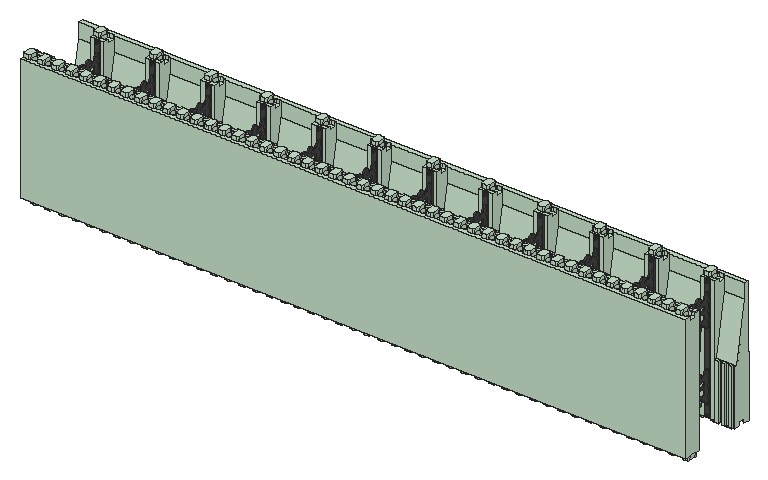
Revit family (continued)
Automatic sketch dimensions
  Extrusion 40 sketch curve to Extrusion 40 sketch curve = 0' - 0.01019"
  Extrusion 40 sketch curve to Extrusion 40 sketch curve = 0' - 0.07677"
  Extrusion 40 sketch curve to Extrusion 40 sketch curve = 0' - 0.17083"
  Extrusion 40 sketch curve to Extrusion 40 sketch curve = 0' - 0.01665"
  Extrusion 40 sketch curve to Extrusion 40 sketch curve = 0' - 0.14808"
  Extrusion 40 sketch curve to Extrusion 40 sketch curve = 0' - 0.33686"
  Extrusion 40 sketch curve to Extrusion 40 sketch curve = 0' - 0.2216"
  Extrusion 41 sketch curve to plane 8 = 0' - 0.72692"
  Extrusion 41 sketch curve to plane 4 = 1' - 5"
  Extrusion 41 sketch curve to Extrusion 41 sketch curve = 0' - 0.17308"  (x2)
  Extrusion 41 sketch curve to Extrusion 41 sketch curve = 0' - 0"  (x5)
  Extrusion 41 sketch curve to Extrusion 41 sketch curve = 0' - 0 1/4"  (x4)
  Extrusion 41 sketch curve to Extrusion 41 sketch curve = 0' - 0.07692"  (x2)
  Extrusion 41 sketch curve to Extrusion 41 sketch curve = 0' - 0.17323"
  Extrusion 41 sketch curve to Extrusion 41 sketch curve = 0' - 0.01019"
  Extrusion 41 sketch curve to Extrusion 41 sketch curve = 0' - 0.07677"
  Extrusion 41 sketch curve to Extrusion 41 sketch curve = 0' - 0.17083"
  Extrusion 41 sketch curve to Extrusion 41 sketch curve = 0' - 0.01665"
  Extrusion 41 sketch curve to Extrusion 41 sketch curve = 0' - 0.14808"
  Extrusion 41 sketch curve to Extrusion 41 sketch curve = 0' - 0.33686"
  Extrusion 41 sketch curve to Extrusion 41 sketch curve = 0' - 0.2216"
  Extrusion 42 sketch curve to plane 8 = 0' - 0.72692"
  Extrusion 42 sketch curve to plane 4 = 1' - 3"
  Extrusion 42 sketch curve to Extrusion 42 sketch curve = 0' - 0.17308"  (x2)
  Extrusion 42 sketch curve to Extrusion 42 sketch curve = 0' - 0"  (x5)
  Extrusion 42 sketch curve to Extrusion 42 sketch curve = 0' - 0 1/4"  (x4)
  Extrusion 42 sketch curve to Extrusion 42 sketch curve = 0' - 0.07692"  (x2)
  Extrusion 42 sketch curve to Extrusion 42 sketch curve = 0' - 0.17323"
  Extrusion 42 sketch curve to Extrusion 42 sketch curve = 0' - 0.01019"
  Extrusion 42 sketch curve to Extrusion 42 sketch curve = 0' - 0.07677"
  Extrusion 42 sketch curve to Extrusion 42 sketch curve = 0' - 0.17083"
  Extrusion 42 sketch curve to Extrusion 42 sketch curve = 0' - 0.01665"
  Extrusion 42 sketch curve to Extrusion 42 sketch curve = 0' - 0.14808"
  Extrusion 42 sketch curve to Extrusion 42 sketch curve = 0' - 0.33686"
  Extrusion 42 sketch curve to Extrusion 42 sketch curve = 0' - 0.2216"
  Extrusion 43 sketch curve to plane 8 = 0' - 0.72692"
  Extrusion 43 sketch curve to plane 4 = 1' - 1"
  Extrusion 43 sketch curve to Extrusion 43 sketch curve = 0' - 0.17308"  (x2)
  Extrusion 43 sketch curve to Extrusion 43 sketch curve = 0' - 0"  (x5)
  Extrusion 43 sketch curve to Extrusion 43 sketch curve = 0' - 0 1/4"  (x4)
  Extrusion 43 sketch curve to Extrusion 43 sketch curve = 0' - 0.07692"  (x2)
  Extrusion 43 sketch curve to Extrusion 43 sketch curve = 0' - 0.17323"
  Extrusion 43 sketch curve to Extrusion 43 sketch curve = 0' - 0.01019"
  Extrusion 43 sketch curve to Extrusion 43 sketch curve = 0' - 0.07677"
  Extrusion 43 sketch curve to Extrusion 43 sketch curve = 0' - 0.17083"
  Extrusion 43 sketch curve to Extrusion 43 sketch curve = 0' - 0.01665"
  Extrusion 43 sketch curve to Extrusion 43 sketch curve = 0' - 0.14808"
  Extrusion 43 sketch curve to Extrusion 43 sketch curve = 0' - 0.33686"
  Extrusion 43 sketch curve to Extrusion 43 sketch curve = 0' - 0.2216"
  Extrusion 44 sketch curve to plane 8 = 0' - 0.72692"
  Extrusion 44 sketch curve to plane 4 = 0' - 11"
  Extrusion 44 sketch curve to Extrusion 44 sketch curve = 0' - 0.17308"  (x2)
  Extrusion 44 sketch curve to Extrusion 44 sketch curve = 0' - 0"  (x5)
  Extrusion 44 sketch curve to Extrusion 44 sketch curve = 0' - 0 1/4"  (x4)
  Extrusion 44 sketch curve to Extrusion 44 sketch curve = 0' - 0.07692"  (x2)
  Extrusion 44 sketch curve to Extrusion 44 sketch curve = 0' - 0.17323"
  Extrusion 44 sketch curve to Extrusion 44 sketch curve = 0' - 0.01019"
  Extrusion 44 sketch curve to Extrusion 44 sketch curve = 0' - 0.07677"
  Extrusion 44 sketch curve to Extrusion 44 sketch curve = 0' - 0.17083"
  Extrusion 44 sketch curve to Extrusion 44 sketch curve = 0' - 0.01665"
  Extrusion 44 sketch curve to Extrusion 44 sketch curve = 0' - 0.14808"
  Extrusion 44 sketch curve to Extrusion 44 sketch curve = 0' - 0.33686"
  Extrusion 44 sketch curve to Extrusion 44 sketch curve = 0' - 0.2216"
  Extrusion 45 sketch curve to plane 8 = 0' - 0.72692"
  Extrusion 45 sketch curve to plane 4 = 0' - 9"
  Extrusion 45 sketch curve to Extrusion 45 sketch curve = 0' - 0.17308"  (x2)
  Extrusion 45 sketch curve to Extrusion 45 sketch curve = 0' - 0"  (x5)
  Extrusion 45 sketch curve to Extrusion 45 sketch curve = 0' - 0 1/4"  (x4)
  Extrusion 45 sketch curve to Extrusion 45 sketch curve = 0' - 0.07692"  (x2)
  Extrusion 45 sketch curve to Extrusion 45 sketch curve = 0' - 0.17323"
  Extrusion 45 sketch curve to Extrusion 45 sketch curve = 0' - 0.01019"
  Extrusion 45 sketch curve to Extrusion 45 sketch curve = 0' - 0.07677"
  Extrusion 45 sketch curve to Extrusion 45 sketch curve = 0' - 0.17083"
  Extrusion 45 sketch curve to Extrusion 45 sketch curve = 0' - 0.01665"
  Extrusion 45 sketch curve to Extrusion 45 sketch curve = 0' - 0.14808"
  Extrusion 45 sketch curve to Extrusion 45 sketch curve = 0' - 0.33686"
  Extrusion 45 sketch curve to Extrusion 45 sketch curve = 0' - 0.2216"
  Extrusion 46 sketch curve to plane 8 = 0' - 0.72692"
  Extrusion 46 sketch curve to plane 4 = 0' - 7"
  Extrusion 46 sketch curve to Extrusion 46 sketch curve = 0' - 0.17308"  (x2)
  Extrusion 46 sketch curve to Extrusion 46 sketch curve = 0' - 0"  (x5)
  Extrusion 46 sketch curve to Extrusion 46 sketch curve = 0' - 0 1/4"  (x4)
  Extrusion 46 sketch curve to Extrusion 46 sketch curve = 0' - 0.07692"  (x2)
  Extrusion 46 sketch curve to Extrusion 46 sketch curve = 0' - 0.17323"
  Extrusion 46 sketch curve to Extrusion 46 sketch curve = 0' - 0.01019"
  Extrusion 46 sketch curve to Extrusion 46 sketch curve = 0' - 0.07677"
  Extrusion 46 sketch curve to Extrusion 46 sketch curve = 0' - 0.17083"
  Extrusion 46 sketch curve to Extrusion 46 sketch curve = 0' - 0.01665"
  Extrusion 46 sketch curve to Extrusion 46 sketch curve = 0' - 0.14808"
  Extrusion 46 sketch curve to Extrusion 46 sketch curve = 0' - 0.33686"
  Extrusion 46 sketch curve to Extrusion 46 sketch curve = 0' - 0.2216"
  Extrusion 47 sketch curve to plane 8 = 0' - 0.72692"
  Extrusion 47 sketch curve to plane 4 = 0' - 5"
  Extrusion 47 sketch curve to Extrusion 47 sketch curve = 0' - 0.17308"  (x2)
  Extrusion 47 sketch curve to Extrusion 47 sketch curve = 0' - 0"  (x5)
  Extrusion 47 sketch curve to Extrusion 47 sketch curve = 0' - 0 1/4"  (x4)
  Extrusion 47 sketch curve to Extrusion 47 sketch curve = 0' - 0.07692"  (x2)
  Extrusion 47 sketch curve to Extrusion 47 sketch curve = 0' - 0.17323"
  Extrusion 47 sketch curve to Extrusion 47 sketch curve = 0' - 0.01019"
  Extrusion 47 sketch curve to Extrusion 47 sketch curve = 0' - 0.07677"
  Extrusion 47 sketch curve to Extrusion 47 sketch curve = 0' - 0.17083"
  Extrusion 47 sketch curve to Extrusion 47 sketch curve = 0' - 0.01665"
  Extrusion 47 sketch curve to Extrusion 47 sketch curve = 0' - 0.14808"
  Extrusion 47 sketch curve to Extrusion 47 sketch curve = 0' - 0.33686"
  Extrusion 47 sketch curve to Extrusion 47 sketch curve = 0' - 0.2216"
  Extrusion 48 sketch curve to plane 8 = 0' - 0.72692"
  Extrusion 48 sketch curve to plane 4 = 0' - 3"
  Extrusion 48 sketch curve to Extrusion 48 sketch curve = 0' - 0.17308"  (x2)
  Extrusion 48 sketch curve to Extrusion 48 sketch curve = 0' - 0"  (x5)
  Extrusion 48 sketch curve to Extrusion 48 sketch curve = 0' - 0 1/4"  (x4)
  Extrusion 48 sketch curve to Extrusion 48 sketch curve = 0' - 0.07692"  (x2)
  Extrusion 48 sketch curve to Extrusion 48 sketch curve = 0' - 0.17323"
  Extrusion 48 sketch curve to Extrusion 48 sketch curve = 0' - 0.01019"
  Extrusion 48 sketch curve to Extrusion 48 sketch curve = 0' - 0.07677"
  Extrusion 48 sketch curve to Extrusion 48 sketch curve = 0' - 0.17083"
  Extrusion 48 sketch curve to Extrusion 48 sketch curve = 0' - 0.01665"
  Extrusion 48 sketch curve to Extrusion 48 sketch curve = 0' - 0.14808"
  Extrusion 48 sketch curve to Extrusion 48 sketch curve = 0' - 0.33686"
  Extrusion 48 sketch curve to Extrusion 48 sketch curve = 0' - 0.2216"
  Extrusion 49 sketch curve to plane 4 = 0' - 0"
  Extrusion 49 sketch curve to plane 4 = 0' - 0.02075"
  Extrusion 49 sketch curve to Extrusion 49 sketch curve = 0' - 0.04585"
  Extrusion 49 sketch curve to Extrusion 49 sketch curve = 0' - 0"  (x4)
  Extrusion 49 sketch curve to Extrusion 49 sketch curve = 0' - 0.01665"
  Extrusion 49 sketch curve to plane 4 = 0' - 0.17308"
  Extrusion 49 sketch curve to plane 4 = 0' - 0 1/4"
  Extrusion 49 sketch curve to Extrusion 49 sketch curve = 0' - 0.17083"
  Extrusion 49 sketch curve to Extrusion 49 sketch curve = 0' - 0 1/16"
  Extrusion 49 sketch curve to Extrusion 49 sketch curve = 0' - 0.01019"
  Extrusion 49 sketch curve to Extrusion 49 sketch curve = 0' - 0 1/4"  (x4)
  Extrusion 49 sketch curve to Extrusion 49 sketch curve = 0' - 0.07692"  (x2)
  Extrusion 49 sketch curve to plane 8 = 0' - 0.48905"
  Extrusion 49 sketch curve to Extrusion 49 sketch curve = 0' - 0.14808"
  Extrusion 49 sketch curve to Extrusion 49 sketch curve = 0' - 0.33686"
  Extrusion 49 sketch curve to Extrusion 49 sketch curve = 0' - 0.2216"
  plane 7 to Extrusion 50 sketch curve = 0' - 0.72692"
  Extrusion 50 sketch curve to plane 4 = 0' - 3"
  Extrusion 50 sketch curve to Extrusion 50 sketch curve = 0' - 0.17308"  (x2)
  Extrusion 50 sketch curve to Extrusion 50 sketch curve = 0' - 0"  (x5)
  Extrusion 50 sketch curve to Extrusion 50 sketch curve = 0' - 0 1/4"  (x4)
  Extrusion 50 sketch curve to Extrusion 50 sketch curve = 0' - 0.07692"  (x2)
  Extrusion 50 sketch curve to Extrusion 50 sketch curve = 0' - 0.17323"
  Extrusion 50 sketch curve to Extrusion 50 sketch curve = 0' - 0.01019"
  Extrusion 50 sketch curve to Extrusion 50 sketch curve = 0' - 0.07677"
  Extrusion 50 sketch curve to Extrusion 50 sketch curve = 0' - 0.17083"
  Extrusion 50 sketch curve to Extrusion 50 sketch curve = 0' - 0.01665"
  Extrusion 50 sketch curve to Extrusion 50 sketch curve = 0' - 0.14808"
  Extrusion 50 sketch curve to Extrusion 50 sketch curve = 0' - 0.33686"
  Extrusion 50 sketch curve to Extrusion 50 sketch curve = 0' - 0.2216"
  plane 7 to Extrusion 51 sketch curve = 0' - 0.72692"
  Extrusion 51 sketch curve to plane 4 = 0' - 11"
  Extrusion 51 sketch curve to Extrusion 51 sketch curve = 0' - 0.17308"  (x2)
  Extrusion 51 sketch curve to Extrusion 51 sketch curve = 0' - 0"  (x5)
  Extrusion 51 sketch curve to Extrusion 51 sketch curve = 0' - 0 1/4"  (x4)
  Extrusion 51 sketch curve to Extrusion 51 sketch curve = 0' - 0.07692"  (x2)
  Extrusion 51 sketch curve to Extrusion 51 sketch curve = 0' - 0.17323"
  Extrusion 51 sketch curve to Extrusion 51 sketch curve = 0' - 0.01019"
  Extrusion 51 sketch curve to Extrusion 51 sketch curve = 0' - 0.07677"
  Extrusion 51 sketch curve to Extrusion 51 sketch curve = 0' - 0.17083"
  Extrusion 51 sketch curve to Extrusion 51 sketch curve = 0' - 0.01665"
  Extrusion 51 sketch curve to Extrusion 51 sketch curve = 0' - 0.14808"
  Extrusion 51 sketch curve to Extrusion 51 sketch curve = 0' - 0.33686"
  Extrusion 51 sketch curve to Extrusion 51 sketch curve = 0' - 0.2216"
  plane 7 to Extrusion 52 sketch curve = 0' - 0.72692"
  Extrusion 52 sketch curve to plane 4 = 1' - 7"
  Extrusion 52 sketch curve to Extrusion 52 sketch curve = 0' - 0.17308"  (x2)
  Extrusion 52 sketch curve to Extrusion 52 sketch curve = 0' - 0"  (x5)
  Extrusion 52 sketch curve to Extrusion 52 sketch curve = 0' - 0 1/4"  (x4)
  Extrusion 52 sketch curve to Extrusion 52 sketch curve = 0' - 0.07692"  (x2)
  Extrusion 52 sketch curve to Extrusion 52 sketch curve = 0' - 0.17323"
  Extrusion 52 sketch curve to Extrusion 52 sketch curve = 0' - 0.01019"
  Extrusion 52 sketch curve to Extrusion 52 sketch curve = 0' - 0.07677"
  Extrusion 52 sketch curve to Extrusion 52 sketch curve = 0' - 0.17083"
  Extrusion 52 sketch curve to Extrusion 52 sketch curve = 0' - 0.01665"
  Extrusion 52 sketch curve to Extrusion 52 sketch curve = 0' - 0.14808"
  Extrusion 52 sketch curve to Extrusion 52 sketch curve = 0' - 0.33686"
  Extrusion 52 sketch curve to Extrusion 52 sketch curve = 0' - 0.2216"
  plane 7 to Extrusion 53 sketch curve = 0' - 0.72692"
  Extrusion 53 sketch curve to plane 4 = 2' - 3"
  Extrusion 53 sketch curve to Extrusion 53 sketch curve = 0' - 0.17308"  (x2)
  Extrusion 53 sketch curve to Extrusion 53 sketch curve = 0' - 0"  (x5)
  Extrusion 53 sketch curve to Extrusion 53 sketch curve = 0' - 0 1/4"  (x4)
  Extrusion 53 sketch curve to Extrusion 53 sketch curve = 0' - 0.07692"  (x2)
  Extrusion 53 sketch curve to Extrusion 53 sketch curve = 0' - 0.17323"
  Extrusion 53 sketch curve to Extrusion 53 sketch curve = 0' - 0.01019"
  Extrusion 53 sketch curve to Extrusion 53 sketch curve = 0' - 0.07677"
  Extrusion 53 sketch curve to Extrusion 53 sketch curve = 0' - 0.17083"
  Extrusion 53 sketch curve to Extrusion 53 sketch curve = 0' - 0.01665"
  Extrusion 53 sketch curve to Extrusion 53 sketch curve = 0' - 0.14808"
  Extrusion 53 sketch curve to Extrusion 53 sketch curve = 0' - 0.33686"
  Extrusion 53 sketch curve to Extrusion 53 sketch curve = 0' - 0.2216"
  plane 7 to Extrusion 54 sketch curve = 0' - 0.72692"
  Extrusion 54 sketch curve to plane 4 = 2' - 11"
  Extrusion 54 sketch curve to Extrusion 54 sketch curve = 0' - 0.17308"  (x2)
  Extrusion 54 sketch curve to Extrusion 54 sketch curve = 0' - 0"  (x5)
  Extrusion 54 sketch curve to Extrusion 54 sketch curve = 0' - 0 1/4"  (x4)
  Extrusion 54 sketch curve to Extrusion 54 sketch curve = 0' - 0.07692"  (x2)
  Extrusion 54 sketch curve to Extrusion 54 sketch curve = 0' - 0.17323"
  Extrusion 54 sketch curve to Extrusion 54 sketch curve = 0' - 0.01019"
  Extrusion 54 sketch curve to Extrusion 54 sketch curve = 0' - 0.07677"
  Extrusion 54 sketch curve to Extrusion 54 sketch curve = 0' - 0.17083"
  Extrusion 54 sketch curve to Extrusion 54 sketch curve = 0' - 0.01665"
  Extrusion 54 sketch curve to Extrusion 54 sketch curve = 0' - 0.14808"
  Extrusion 54 sketch curve to Extrusion 54 sketch curve = 0' - 0.33686"
  Extrusion 54 sketch curve to Extrusion 54 sketch curve = 0' - 0.2216"
  plane 7 to Extrusion 55 sketch curve = 0' - 0.72692"
  Extrusion 55 sketch curve to plane 4 = 3' - 7"
  Extrusion 55 sketch curve to Extrusion 55 sketch curve = 0' - 0.17308"  (x2)
  Extrusion 55 sketch curve to Extrusion 55 sketch curve = 0' - 0"  (x5)
  Extrusion 55 sketch curve to Extrusion 55 sketch curve = 0' - 0 1/4"  (x4)
  Extrusion 55 sketch curve to Extrusion 55 sketch curve = 0' - 0.07692"  (x2)
  Extrusion 55 sketch curve to Extrusion 55 sketch curve = 0' - 0.17323"
  Extrusion 55 sketch curve to Extrusion 55 sketch curve = 0' - 0.01019"
  Extrusion 55 sketch curve to Extrusion 55 sketch curve = 0' - 0.07677"
  Extrusion 55 sketch curve to Extrusion 55 sketch curve = 0' - 0.17083"
  Extrusion 55 sketch curve to Extrusion 55 sketch curve = 0' - 0.01665"
  Extrusion 55 sketch curve to Extrusion 55 sketch curve = 0' - 0.14808"
  Extrusion 55 sketch curve to Extrusion 55 sketch curve = 0' - 0.33686"
  Extrusion 55 sketch curve to Extrusion 55 sketch curve = 0' - 0.2216"
  plane 7 to Extrusion 56 sketch curve = 0' - 0.72692"
  plane 3 "Center (Left/Right)" to Extrusion 56 sketch curve = 3' - 9"
  Extrusion 56 sketch curve to Extrusion 56 sketch curve = 0' - 0.17308"  (x2)
  Extrusion 56 sketch curve to Extrusion 56 sketch curve = 0' - 0"  (x5)
  Extrusion 56 sketch curve to Extrusion 56 sketch curve = 0' - 0.07692"  (x3)
  Extrusion 56 sketch curve to Extrusion 56 sketch curve = 0' - 0 1/4"  (x3)
  Extrusion 56 sketch curve to Extrusion 56 sketch curve = 0' - 0.17323"
  Extrusion 56 sketch curve to Extrusion 56 sketch curve = 0' - 0.01019"
  Extrusion 56 sketch curve to Extrusion 56 sketch curve = 0' - 0.07677"
  Extrusion 56 sketch curve to Extrusion 56 sketch curve = 0' - 0.17083"
  Extrusion 56 sketch curve to Extrusion 56 sketch curve = 0' - 0.01665"
  Extrusion 56 sketch curve to Extrusion 56 sketch curve = 0' - 0.14808"
  Extrusion 56 sketch curve to Extrusion 56 sketch curve = 0' - 0.33686"
  Extrusion 56 sketch curve to Extrusion 56 sketch curve = 0' - 0.2216"
  plane 7 to Extrusion 57 sketch curve = 0' - 0.72692"
  plane 3 "Center (Left/Right)" to Extrusion 57 sketch curve = 3' - 1"
  Extrusion 57 sketch curve to Extrusion 57 sketch curve = 0' - 0.17308"  (x2)
  Extrusion 57 sketch curve to Extrusion 57 sketch curve = 0' - 0"  (x5)
  Extrusion 57 sketch curve to Extrusion 57 sketch curve = 0' - 0.07692"  (x3)
  Extrusion 57 sketch curve to Extrusion 57 sketch curve = 0' - 0 1/4"  (x3)
  Extrusion 57 sketch curve to Extrusion 57 sketch curve = 0' - 0.17323"
  Extrusion 57 sketch curve to Extrusion 57 sketch curve = 0' - 0.01019"
  Extrusion 57 sketch curve to Extrusion 57 sketch curve = 0' - 0.07677"
  Extrusion 57 sketch curve to Extrusion 57 sketch curve = 0' - 0.17083"
  Extrusion 57 sketch curve to Extrusion 57 sketch curve = 0' - 0.01665"
  Extrusion 57 sketch curve to Extrusion 57 sketch curve = 0' - 0.14808"
  Extrusion 57 sketch curve to Extrusion 57 sketch curve = 0' - 0.33686"
  Extrusion 57 sketch curve to Extrusion 57 sketch curve = 0' - 0.2216"
  plane 7 to Extrusion 58 sketch curve = 0' - 0.72692"
  plane 3 "Center (Left/Right)" to Extrusion 58 sketch curve = 2' - 5"
  Extrusion 58 sketch curve to Extrusion 58 sketch curve = 0' - 0.17308"  (x2)
  Extrusion 58 sketch curve to Extrusion 58 sketch curve = 0' - 0"  (x5)
  Extrusion 58 sketch curve to Extrusion 58 sketch curve = 0' - 0.07692"  (x3)
  Extrusion 58 sketch curve to Extrusion 58 sketch curve = 0' - 0 1/4"  (x3)
  Extrusion 58 sketch curve to Extrusion 58 sketch curve = 0' - 0.17323"
  Extrusion 58 sketch curve to Extrusion 58 sketch curve = 0' - 0.01019"
  Extrusion 58 sketch curve to Extrusion 58 sketch curve = 0' - 0.07677"
  Extrusion 58 sketch curve to Extrusion 58 sketch curve = 0' - 0.17083"
  Extrusion 58 sketch curve to Extrusion 58 sketch curve = 0' - 0.01665"
  Extrusion 58 sketch curve to Extrusion 58 sketch curve = 0' - 0.14808"
  Extrusion 58 sketch curve to Extrusion 58 sketch curve = 0' - 0.33686"
  Extrusion 58 sketch curve to Extrusion 58 sketch curve = 0' - 0.2216"
  plane 7 to Extrusion 59 sketch curve = 0' - 0.72692"
  plane 3 "Center (Left/Right)" to Extrusion 59 sketch curve = 1' - 9"
  Extrusion 59 sketch curve to Extrusion 59 sketch curve = 0' - 0.17308"  (x2)
  Extrusion 59 sketch curve to Extrusion 59 sketch curve = 0' - 0"  (x5)
  Extrusion 59 sketch curve to Extrusion 59 sketch curve = 0' - 0.07692"  (x3)
  Extrusion 59 sketch curve to Extrusion 59 sketch curve = 0' - 0 1/4"  (x3)
  Extrusion 59 sketch curve to Extrusion 59 sketch curve = 0' - 0.17323"
  Extrusion 59 sketch curve to Extrusion 59 sketch curve = 0' - 0.01019"
  Extrusion 59 sketch curve to Extrusion 59 sketch curve = 0' - 0.07677"
  Extrusion 59 sketch curve to Extrusion 59 sketch curve = 0' - 0.17083"
  Extrusion 59 sketch curve to Extrusion 59 sketch curve = 0' - 0.01665"
  Extrusion 59 sketch curve to Extrusion 59 sketch curve = 0' - 0.14808"
  Extrusion 59 sketch curve to Extrusion 59 sketch curve = 0' - 0.33686"
  Extrusion 59 sketch curve to Extrusion 59 sketch curve = 0' - 0.2216"
  plane 7 to Extrusion 60 sketch curve = 0' - 0.72692"
  plane 3 "Center (Left/Right)" to Extrusion 60 sketch curve = 1' - 1"
  Extrusion 60 sketch curve to Extrusion 60 sketch curve = 0' - 0.17308"  (x2)
  Extrusion 60 sketch curve to Extrusion 60 sketch curve = 0' - 0"  (x5)
  Extrusion 60 sketch curve to Extrusion 60 sketch curve = 0' - 0.07692"  (x3)
  Extrusion 60 sketch curve to Extrusion 60 sketch curve = 0' - 0 1/4"  (x3)
  Extrusion 60 sketch curve to Extrusion 60 sketch curve = 0' - 0.17323"
  Extrusion 60 sketch curve to Extrusion 60 sketch curve = 0' - 0.01019"
  Extrusion 60 sketch curve to Extrusion 60 sketch curve = 0' - 0.07677"
  Extrusion 60 sketch curve to Extrusion 60 sketch curve = 0' - 0.17083"
  Extrusion 60 sketch curve to Extrusion 60 sketch curve = 0' - 0.01665"
  Extrusion 60 sketch curve to Extrusion 60 sketch curve = 0' - 0.14808"
  Extrusion 60 sketch curve to Extrusion 60 sketch curve = 0' - 0.33686"
  Extrusion 60 sketch curve to Extrusion 60 sketch curve = 0' - 0.2216"
  plane 7 to Extrusion 61 sketch curve = 0' - 0.72692"
  plane 3 "Center (Left/Right)" to Extrusion 61 sketch curve = 0' - 5"
  Extrusion 61 sketch curve to Extrusion 61 sketch curve = 0' - 0.17308"  (x2)
  Extrusion 61 sketch curve to Extrusion 61 sketch curve = 0' - 0"  (x5)
  Extrusion 61 sketch curve to Extrusion 61 sketch curve = 0' - 0.07692"  (x3)
  Extrusion 61 sketch curve to Extrusion 61 sketch curve = 0' - 0 1/4"  (x3)
  Extrusion 61 sketch curve to Extrusion 61 sketch curve = 0' - 0.17323"
  Extrusion 61 sketch curve to Extrusion 61 sketch curve = 0' - 0.01019"
  Extrusion 61 sketch curve to Extrusion 61 sketch curve = 0' - 0.07677"
  Extrusion 61 sketch curve to Extrusion 61 sketch curve = 0' - 0.17083"
  Extrusion 61 sketch curve to Extrusion 61 sketch curve = 0' - 0.01665"
  Extrusion 61 sketch curve to Extrusion 61 sketch curve = 0' - 0.14808"
  Extrusion 61 sketch curve to Extrusion 61 sketch curve = 0' - 0.33686"
  Extrusion 61 sketch curve to Extrusion 61 sketch curve = 0' - 0.2216"
  Extrusion 62 sketch curve to plane 3 "Center (Left/Right)" = 0' - 0"
  Extrusion 62 sketch curve to plane 3 "Center (Left/Right)" = 0' - 0.02075"
  Extrusion 62 sketch curve to Extrusion 62 sketch curve = 0' - 0.04585"
  Extrusion 62 sketch curve to Extrusion 62 sketch curve = 0' - 0"  (x4)
  Extrusion 62 sketch curve to Extrusion 62 sketch curve = 0' - 0.01665"
  Extrusion 62 sketch curve to plane 3 "Center (Left/Right)" = 0' - 0.17308"
  Extrusion 62 sketch curve to Extrusion 62 sketch curve = 0' - 0 1/4"  (x5)
  Extrusion 62 sketch curve to Extrusion 62 sketch curve = 0' - 0.17083"
  Extrusion 62 sketch curve to Extrusion 62 sketch curve = 0' - 0 1/16"
  Extrusion 62 sketch curve to Extrusion 62 sketch curve = 0' - 0.01019"
  Extrusion 62 sketch curve to Extrusion 62 sketch curve = 0' - 0.07692"  (x2)
  plane 8 to Extrusion 62 sketch curve = 0' - 0.48905"
  Extrusion 62 sketch curve to Extrusion 62 sketch curve = 0' - 0.14808"
  Extrusion 62 sketch curve to Extrusion 62 sketch curve = 0' - 0.33686"
  Extrusion 62 sketch curve to Extrusion 62 sketch curve = 0' - 0.2216"
  plane 8 to Extrusion 63 sketch curve = 0' - 0.72692"
  Extrusion 63 sketch curve to plane 3 "Center (Left/Right)" = 0' - 3"
  Extrusion 63 sketch curve to Extrusion 63 sketch curve = 0' - 0.17308"  (x2)
  Extrusion 63 sketch curve to Extrusion 63 sketch curve = 0' - 0"  (x5)
  Extrusion 63 sketch curve to Extrusion 63 sketch curve = 0' - 0 1/4"  (x4)
  Extrusion 63 sketch curve to Extrusion 63 sketch curve = 0' - 0.07692"  (x2)
  Extrusion 63 sketch curve to Extrusion 63 sketch curve = 0' - 0.17323"
  Extrusion 63 sketch curve to Extrusion 63 sketch curve = 0' - 0.01019"
  Extrusion 63 sketch curve to Extrusion 63 sketch curve = 0' - 0.07677"
  Extrusion 63 sketch curve to Extrusion 63 sketch curve = 0' - 0.17083"
  Extrusion 63 sketch curve to Extrusion 63 sketch curve = 0' - 0.01665"
  Extrusion 63 sketch curve to Extrusion 63 sketch curve = 0' - 0.14808"
  Extrusion 63 sketch curve to Extrusion 63 sketch curve = 0' - 0.33686"
  Extrusion 63 sketch curve to Extrusion 63 sketch curve = 0' - 0.2216"
  plane 8 to Extrusion 64 sketch curve = 0' - 0.72692"
  Extrusion 64 sketch curve to plane 3 "Center (Left/Right)" = 0' - 5"
  Extrusion 64 sketch curve to Extrusion 64 sketch curve = 0' - 0.17308"  (x2)
  Extrusion 64 sketch curve to Extrusion 64 sketch curve = 0' - 0"  (x5)
  Extrusion 64 sketch curve to Extrusion 64 sketch curve = 0' - 0 1/4"  (x4)
  Extrusion 64 sketch curve to Extrusion 64 sketch curve = 0' - 0.07692"  (x2)
  Extrusion 64 sketch curve to Extrusion 64 sketch curve = 0' - 0.17323"
  Extrusion 64 sketch curve to Extrusion 64 sketch curve = 0' - 0.01019"
  Extrusion 64 sketch curve to Extrusion 64 sketch curve = 0' - 0.07677"
  Extrusion 64 sketch curve to Extrusion 64 sketch curve = 0' - 0.17083"
  Extrusion 64 sketch curve to Extrusion 64 sketch curve = 0' - 0.01665"
  Extrusion 64 sketch curve to Extrusion 64 sketch curve = 0' - 0.14808"
  Extrusion 64 sketch curve to Extrusion 64 sketch curve = 0' - 0.33686"
  Extrusion 64 sketch curve to Extrusion 64 sketch curve = 0' - 0.2216"
  plane 8 to Extrusion 65 sketch curve = 0' - 0.72692"
  Extrusion 65 sketch curve to plane 3 "Center (Left/Right)" = 0' - 7"
  Extrusion 65 sketch curve to Extrusion 65 sketch curve = 0' - 0.17308"  (x2)
  Extrusion 65 sketch curve to Extrusion 65 sketch curve = 0' - 0"  (x5)
  Extrusion 65 sketch curve to Extrusion 65 sketch curve = 0' - 0 1/4"  (x4)
  Extrusion 65 sketch curve to Extrusion 65 sketch curve = 0' - 0.07692"  (x2)
  Extrusion 65 sketch curve to Extrusion 65 sketch curve = 0' - 0.17323"
  Extrusion 65 sketch curve to Extrusion 65 sketch curve = 0' - 0.01019"
  Extrusion 65 sketch curve to Extrusion 65 sketch curve = 0' - 0.07677"
  Extrusion 65 sketch curve to Extrusion 65 sketch curve = 0' - 0.17083"
  Extrusion 65 sketch curve to Extrusion 65 sketch curve = 0' - 0.01665"
  Extrusion 65 sketch curve to Extrusion 65 sketch curve = 0' - 0.14808"
  Extrusion 65 sketch curve to Extrusion 65 sketch curve = 0' - 0.33686"
  Extrusion 65 sketch curve to Extrusion 65 sketch curve = 0' - 0.2216"
  plane 8 to Extrusion 66 sketch curve = 0' - 0.72692"
  Extrusion 66 sketch curve to plane 3 "Center (Left/Right)" = 0' - 9"
  Extrusion 66 sketch curve to Extrusion 66 sketch curve = 0' - 0.17308"  (x2)
  Extrusion 66 sketch curve to Extrusion 66 sketch curve = 0' - 0"  (x5)
  Extrusion 66 sketch curve to Extrusion 66 sketch curve = 0' - 0 1/4"  (x4)
  Extrusion 66 sketch curve to Extrusion 66 sketch curve = 0' - 0.07692"  (x2)
  Extrusion 66 sketch curve to Extrusion 66 sketch curve = 0' - 0.17323"
  Extrusion 66 sketch curve to Extrusion 66 sketch curve = 0' - 0.01019"
  Extrusion 66 sketch curve to Extrusion 66 sketch curve = 0' - 0.07677"
  Extrusion 66 sketch curve to Extrusion 66 sketch curve = 0' - 0.17083"
  Extrusion 66 sketch curve to Extrusion 66 sketch curve = 0' - 0.01665"
  Extrusion 66 sketch curve to Extrusion 66 sketch curve = 0' - 0.14808"
  Extrusion 66 sketch curve to Extrusion 66 sketch curve = 0' - 0.33686"
  Extrusion 66 sketch curve to Extrusion 66 sketch curve = 0' - 0.2216"
  plane 8 to Extrusion 67 sketch curve = 0' - 0.72692"
  Extrusion 67 sketch curve to plane 3 "Center (Left/Right)" = 0' - 11"
  Extrusion 67 sketch curve to Extrusion 67 sketch curve = 0' - 0.17308"  (x2)
  Extrusion 67 sketch curve to Extrusion 67 sketch curve = 0' - 0"  (x5)
  Extrusion 67 sketch curve to Extrusion 67 sketch curve = 0' - 0 1/4"  (x4)
  Extrusion 67 sketch curve to Extrusion 67 sketch curve = 0' - 0.07692"  (x2)
  Extrusion 67 sketch curve to Extrusion 67 sketch curve = 0' - 0.17323"
  Extrusion 67 sketch curve to Extrusion 67 sketch curve = 0' - 0.01019"
  Extrusion 67 sketch curve to Extrusion 67 sketch curve = 0' - 0.07677"
  Extrusion 67 sketch curve to Extrusion 67 sketch curve = 0' - 0.17083"
  Extrusion 67 sketch curve to Extrusion 67 sketch curve = 0' - 0.01665"
  Extrusion 67 sketch curve to Extrusion 67 sketch curve = 0' - 0.14808"
  Extrusion 67 sketch curve to Extrusion 67 sketch curve = 0' - 0.33686"
  Extrusion 67 sketch curve to Extrusion 67 sketch curve = 0' - 0.2216"
  plane 8 to Extrusion 68 sketch curve = 0' - 0.72692"
  Extrusion 68 sketch curve to plane 3 "Center (Left/Right)" = 1' - 1"
  Extrusion 68 sketch curve to Extrusion 68 sketch curve = 0' - 0.17308"  (x2)
  Extrusion 68 sketch curve to Extrusion 68 sketch curve = 0' - 0"  (x5)
  Extrusion 68 sketch curve to Extrusion 68 sketch curve = 0' - 0 1/4"  (x4)
  Extrusion 68 sketch curve to Extrusion 68 sketch curve = 0' - 0.07692"  (x2)
  Extrusion 68 sketch curve to Extrusion 68 sketch curve = 0' - 0.17323"
  Extrusion 68 sketch curve to Extrusion 68 sketch curve = 0' - 0.01019"
  Extrusion 68 sketch curve to Extrusion 68 sketch curve = 0' - 0.07677"
  Extrusion 68 sketch curve to Extrusion 68 sketch curve = 0' - 0.17083"
  Extrusion 68 sketch curve to Extrusion 68 sketch curve = 0' - 0.01665"
  Extrusion 68 sketch curve to Extrusion 68 sketch curve = 0' - 0.14808"
  Extrusion 68 sketch curve to Extrusion 68 sketch curve = 0' - 0.33686"
  Extrusion 68 sketch curve to Extrusion 68 sketch curve = 0' - 0.2216"
  plane 8 to Extrusion 69 sketch curve = 0' - 0.72692"
  Extrusion 69 sketch curve to plane 3 "Center (Left/Right)" = 1' - 3"
  Extrusion 69 sketch curve to Extrusion 69 sketch curve = 0' - 0.17308"  (x2)
  Extrusion 69 sketch curve to Extrusion 69 sketch curve = 0' - 0"  (x5)
  Extrusion 69 sketch curve to Extrusion 69 sketch curve = 0' - 0 1/4"  (x4)
  Extrusion 69 sketch curve to Extrusion 69 sketch curve = 0' - 0.07692"  (x2)
  Extrusion 69 sketch curve to Extrusion 69 sketch curve = 0' - 0.17323"
  Extrusion 69 sketch curve to Extrusion 69 sketch curve = 0' - 0.01019"
  Extrusion 69 sketch curve to Extrusion 69 sketch curve = 0' - 0.07677"
  Extrusion 69 sketch curve to Extrusion 69 sketch curve = 0' - 0.17083"
  Extrusion 69 sketch curve to Extrusion 69 sketch curve = 0' - 0.01665"
  Extrusion 69 sketch curve to Extrusion 69 sketch curve = 0' - 0.14808"
  Extrusion 69 sketch curve to Extrusion 69 sketch curve = 0' - 0.33686"
  Extrusion 69 sketch curve to Extrusion 69 sketch curve = 0' - 0.2216"
  plane 8 to Extrusion 70 sketch curve = 0' - 0.72692"
  Extrusion 70 sketch curve to plane 3 "Center (Left/Right)" = 1' - 5"
  Extrusion 70 sketch curve to Extrusion 70 sketch curve = 0' - 0.17308"  (x2)
  Extrusion 70 sketch curve to Extrusion 70 sketch curve = 0' - 0"  (x5)
  Extrusion 70 sketch curve to Extrusion 70 sketch curve = 0' - 0 1/4"  (x4)
  Extrusion 70 sketch curve to Extrusion 70 sketch curve = 0' - 0.07692"  (x2)
  Extrusion 70 sketch curve to Extrusion 70 sketch curve = 0' - 0.17323"
  Extrusion 70 sketch curve to Extrusion 70 sketch curve = 0' - 0.01019"
  Extrusion 70 sketch curve to Extrusion 70 sketch curve = 0' - 0.07677"
  Extrusion 70 sketch curve to Extrusion 70 sketch curve = 0' - 0.17083"
  Extrusion 70 sketch curve to Extrusion 70 sketch curve = 0' - 0.01665"
  Extrusion 70 sketch curve to Extrusion 70 sketch curve = 0' - 0.14808"
  Extrusion 70 sketch curve to Extrusion 70 sketch curve = 0' - 0.33686"
  Extrusion 70 sketch curve to Extrusion 70 sketch curve = 0' - 0.2216"
  plane 8 to Extrusion 71 sketch curve = 0' - 0.72692"
  Extrusion 71 sketch curve to plane 3 "Center (Left/Right)" = 1' - 7"
  Extrusion 71 sketch curve to Extrusion 71 sketch curve = 0' - 0.17308"  (x2)
  Extrusion 71 sketch curve to Extrusion 71 sketch curve = 0' - 0"  (x5)
  Extrusion 71 sketch curve to Extrusion 71 sketch curve = 0' - 0 1/4"  (x4)
  Extrusion 71 sketch curve to Extrusion 71 sketch curve = 0' - 0.07692"  (x2)
  Extrusion 71 sketch curve to Extrusion 71 sketch curve = 0' - 0.17323"
  Extrusion 71 sketch curve to Extrusion 71 sketch curve = 0' - 0.01019"
  Extrusion 71 sketch curve to Extrusion 71 sketch curve = 0' - 0.07677"
  Extrusion 71 sketch curve to Extrusion 71 sketch curve = 0' - 0.17083"
  Extrusion 71 sketch curve to Extrusion 71 sketch curve = 0' - 0.01665"
  Extrusion 71 sketch curve to Extrusion 71 sketch curve = 0' - 0.14808"
  Extrusion 71 sketch curve to Extrusion 71 sketch curve = 0' - 0.33686"
  Extrusion 71 sketch curve to Extrusion 71 sketch curve = 0' - 0.2216"
  plane 8 to Extrusion 72 sketch curve = 0' - 0.72692"
  Extrusion 72 sketch curve to plane 3 "Center (Left/Right)" = 1' - 9"
  Extrusion 72 sketch curve to Extrusion 72 sketch curve = 0' - 0.17308"  (x2)
  Extrusion 72 sketch curve to Extrusion 72 sketch curve = 0' - 0"  (x5)
  Extrusion 72 sketch curve to Extrusion 72 sketch curve = 0' - 0 1/4"  (x4)
  Extrusion 72 sketch curve to Extrusion 72 sketch curve = 0' - 0.07692"  (x2)
  Extrusion 72 sketch curve to Extrusion 72 sketch curve = 0' - 0.17323"
  Extrusion 72 sketch curve to Extrusion 72 sketch curve = 0' - 0.01019"
  Extrusion 72 sketch curve to Extrusion 72 sketch curve = 0' - 0.07677"
  Extrusion 72 sketch curve to Extrusion 72 sketch curve = 0' - 0.17083"
  Extrusion 72 sketch curve to Extrusion 72 sketch curve = 0' - 0.01665"
  Extrusion 72 sketch curve to Extrusion 72 sketch curve = 0' - 0.14808"
  Extrusion 72 sketch curve to Extrusion 72 sketch curve = 0' - 0.33686"
  Extrusion 72 sketch curve to Extrusion 72 sketch curve = 0' - 0.2216"
  plane 8 to Extrusion 73 sketch curve = 0' - 0.72692"
  Extrusion 73 sketch curve to plane 3 "Center (Left/Right)" = 1' - 11"
  Extrusion 73 sketch curve to Extrusion 73 sketch curve = 0' - 0.17308"  (x2)
  Extrusion 73 sketch curve to Extrusion 73 sketch curve = 0' - 0"  (x5)
  Extrusion 73 sketch curve to Extrusion 73 sketch curve = 0' - 0 1/4"  (x4)
  Extrusion 73 sketch curve to Extrusion 73 sketch curve = 0' - 0.07692"  (x2)
  Extrusion 73 sketch curve to Extrusion 73 sketch curve = 0' - 0.17323"
  Extrusion 73 sketch curve to Extrusion 73 sketch curve = 0' - 0.01019"
  Extrusion 73 sketch curve to Extrusion 73 sketch curve = 0' - 0.07677"
  Extrusion 73 sketch curve to Extrusion 73 sketch curve = 0' - 0.17083"
  Extrusion 73 sketch curve to Extrusion 73 sketch curve = 0' - 0.01665"
  Extrusion 73 sketch curve to Extrusion 73 sketch curve = 0' - 0.14808"
  Extrusion 73 sketch curve to Extrusion 73 sketch curve = 0' - 0.33686"
  Extrusion 73 sketch curve to Extrusion 73 sketch curve = 0' - 0.2216"
  plane 8 to Extrusion 74 sketch curve = 0' - 0.72692"
  Extrusion 74 sketch curve to plane 3 "Center (Left/Right)" = 2' - 1"
  Extrusion 74 sketch curve to Extrusion 74 sketch curve = 0' - 0.17308"  (x2)
  Extrusion 74 sketch curve to Extrusion 74 sketch curve = 0' - 0"  (x5)
  Extrusion 74 sketch curve to Extrusion 74 sketch curve = 0' - 0 1/4"  (x4)
  Extrusion 74 sketch curve to Extrusion 74 sketch curve = 0' - 0.07692"  (x2)
  Extrusion 74 sketch curve to Extrusion 74 sketch curve = 0' - 0.17323"
  Extrusion 74 sketch curve to Extrusion 74 sketch curve = 0' - 0.01019"
  Extrusion 74 sketch curve to Extrusion 74 sketch curve = 0' - 0.07677"
  Extrusion 74 sketch curve to Extrusion 74 sketch curve = 0' - 0.17083"
  Extrusion 74 sketch curve to Extrusion 74 sketch curve = 0' - 0.01665"
  Extrusion 74 sketch curve to Extrusion 74 sketch curve = 0' - 0.14808"
  Extrusion 74 sketch curve to Extrusion 74 sketch curve = 0' - 0.33686"
  Extrusion 74 sketch curve to Extrusion 74 sketch curve = 0' - 0.2216"
  plane 8 to Extrusion 75 sketch curve = 0' - 0.72692"
  Extrusion 75 sketch curve to plane 3 "Center (Left/Right)" = 2' - 3"
  Extrusion 75 sketch curve to Extrusion 75 sketch curve = 0' - 0.17308"  (x2)
  Extrusion 75 sketch curve to Extrusion 75 sketch curve = 0' - 0"  (x5)
  Extrusion 75 sketch curve to Extrusion 75 sketch curve = 0' - 0 1/4"  (x4)
  Extrusion 75 sketch curve to Extrusion 75 sketch curve = 0' - 0.07692"  (x2)
  Extrusion 75 sketch curve to Extrusion 75 sketch curve = 0' - 0.17323"
  Extrusion 75 sketch curve to Extrusion 75 sketch curve = 0' - 0.01019"
  Extrusion 75 sketch curve to Extrusion 75 sketch curve = 0' - 0.07677"
  Extrusion 75 sketch curve to Extrusion 75 sketch curve = 0' - 0.17083"
  Extrusion 75 sketch curve to Extrusion 75 sketch curve = 0' - 0.01665"
  Extrusion 75 sketch curve to Extrusion 75 sketch curve = 0' - 0.14808"
  Extrusion 75 sketch curve to Extrusion 75 sketch curve = 0' - 0.33686"
  Extrusion 75 sketch curve to Extrusion 75 sketch curve = 0' - 0.2216"
  plane 8 to Extrusion 76 sketch curve = 0' - 0.72692"
  Extrusion 76 sketch curve to plane 3 "Center (Left/Right)" = 2' - 5"
  Extrusion 76 sketch curve to Extrusion 76 sketch curve = 0' - 0.17308"  (x2)
  Extrusion 76 sketch curve to Extrusion 76 sketch curve = 0' - 0"  (x5)
  Extrusion 76 sketch curve to Extrusion 76 sketch curve = 0' - 0 1/4"  (x4)
  Extrusion 76 sketch curve to Extrusion 76 sketch curve = 0' - 0.07692"  (x2)
  Extrusion 76 sketch curve to Extrusion 76 sketch curve = 0' - 0.17323"
  Extrusion 76 sketch curve to Extrusion 76 sketch curve = 0' - 0.01019"
  Extrusion 76 sketch curve to Extrusion 76 sketch curve = 0' - 0.07677"
  Extrusion 76 sketch curve to Extrusion 76 sketch curve = 0' - 0.17083"
  Extrusion 76 sketch curve to Extrusion 76 sketch curve = 0' - 0.01665"
  Extrusion 76 sketch curve to Extrusion 76 sketch curve = 0' - 0.14808"
  Extrusion 76 sketch curve to Extrusion 76 sketch curve = 0' - 0.33686"
  Extrusion 76 sketch curve to Extrusion 76 sketch curve = 0' - 0.2216"
  plane 8 to Extrusion 77 sketch curve = 0' - 0.72692"
  Extrusion 77 sketch curve to plane 3 "Center (Left/Right)" = 2' - 7"
  Extrusion 77 sketch curve to Extrusion 77 sketch curve = 0' - 0.17308"  (x2)
  Extrusion 77 sketch curve to Extrusion 77 sketch curve = 0' - 0"  (x5)
  Extrusion 77 sketch curve to Extrusion 77 sketch curve = 0' - 0 1/4"  (x4)
  Extrusion 77 sketch curve to Extrusion 77 sketch curve = 0' - 0.07692"  (x2)
  Extrusion 77 sketch curve to Extrusion 77 sketch curve = 0' - 0.17323"
  Extrusion 77 sketch curve to Extrusion 77 sketch curve = 0' - 0.01019"
  Extrusion 77 sketch curve to Extrusion 77 sketch curve = 0' - 0.07677"
  Extrusion 77 sketch curve to Extrusion 77 sketch curve = 0' - 0.17083"
  Extrusion 77 sketch curve to Extrusion 77 sketch curve = 0' - 0.01665"
  Extrusion 77 sketch curve to Extrusion 77 sketch curve = 0' - 0.14808"
  Extrusion 77 sketch curve to Extrusion 77 sketch curve = 0' - 0.33686"
  Extrusion 77 sketch curve to Extrusion 77 sketch curve = 0' - 0.2216"
  plane 8 to Extrusion 78 sketch curve = 0' - 0.72692"
  Extrusion 78 sketch curve to plane 3 "Center (Left/Right)" = 2' - 9"
  Extrusion 78 sketch curve to Extrusion 78 sketch curve = 0' - 0.17308"  (x2)
  Extrusion 78 sketch curve to Extrusion 78 sketch curve = 0' - 0"  (x5)
  Extrusion 78 sketch curve to Extrusion 78 sketch curve = 0' - 0 1/4"  (x4)
  Extrusion 78 sketch curve to Extrusion 78 sketch curve = 0' - 0.07692"  (x2)
  Extrusion 78 sketch curve to Extrusion 78 sketch curve = 0' - 0.17323"
  Extrusion 78 sketch curve to Extrusion 78 sketch curve = 0' - 0.01019"
  Extrusion 78 sketch curve to Extrusion 78 sketch curve = 0' - 0.07677"
  Extrusion 78 sketch curve to Extrusion 78 sketch curve = 0' - 0.17083"
  Extrusion 78 sketch curve to Extrusion 78 sketch curve = 0' - 0.01665"
  Extrusion 78 sketch curve to Extrusion 78 sketch curve = 0' - 0.14808"
  Extrusion 78 sketch curve to Extrusion 78 sketch curve = 0' - 0.33686"
  Extrusion 78 sketch curve to Extrusion 78 sketch curve = 0' - 0.2216"
  plane 8 to Extrusion 79 sketch curve = 0' - 0.72692"
  Extrusion 79 sketch curve to plane 3 "Center (Left/Right)" = 2' - 11"
  Extrusion 79 sketch curve to Extrusion 79 sketch curve = 0' - 0.17308"  (x2)
  Extrusion 79 sketch curve to Extrusion 79 sketch curve = 0' - 0"  (x5)
  Extrusion 79 sketch curve to Extrusion 79 sketch curve = 0' - 0 1/4"  (x4)
  Extrusion 79 sketch curve to Extrusion 79 sketch curve = 0' - 0.07692"  (x2)
  Extrusion 79 sketch curve to Extrusion 79 sketch curve = 0' - 0.17323"
  Extrusion 79 sketch curve to Extrusion 79 sketch curve = 0' - 0.01019"
  Extrusion 79 sketch curve to Extrusion 79 sketch curve = 0' - 0.07677"
  Extrusion 79 sketch curve to Extrusion 79 sketch curve = 0' - 0.17083"
  Extrusion 79 sketch curve to Extrusion 79 sketch curve = 0' - 0.01665"
  Extrusion 79 sketch curve to Extrusion 79 sketch curve = 0' - 0.14808"
  Extrusion 79 sketch curve to Extrusion 79 sketch curve = 0' - 0.33686"
  Extrusion 79 sketch curve to Extrusion 79 sketch curve = 0' - 0.2216"
  plane 8 to Extrusion 80 sketch curve = 0' - 0.72692"
  Extrusion 80 sketch curve to plane 3 "Center (Left/Right)" = 3' - 1"
  Extrusion 80 sketch curve to Extrusion 80 sketch curve = 0' - 0.17308"  (x2)
  Extrusion 80 sketch curve to Extrusion 80 sketch curve = 0' - 0"  (x5)
  Extrusion 80 sketch curve to Extrusion 80 sketch curve = 0' - 0 1/4"  (x4)
  Extrusion 80 sketch curve to Extrusion 80 sketch curve = 0' - 0.07692"  (x2)
  Extrusion 80 sketch curve to Extrusion 80 sketch curve = 0' - 0.17323"
  Extrusion 80 sketch curve to Extrusion 80 sketch curve = 0' - 0.01019"
  Extrusion 80 sketch curve to Extrusion 80 sketch curve = 0' - 0.07677"
  Extrusion 80 sketch curve to Extrusion 80 sketch curve = 0' - 0.17083"
  Extrusion 80 sketch curve to Extrusion 80 sketch curve = 0' - 0.01665"
  Extrusion 80 sketch curve to Extrusion 80 sketch curve = 0' - 0.14808"
  Extrusion 80 sketch curve to Extrusion 80 sketch curve = 0' - 0.33686"
  Extrusion 80 sketch curve to Extrusion 80 sketch curve = 0' - 0.2216"
  plane 8 to Extrusion 81 sketch curve = 0' - 0.72692"
  Extrusion 81 sketch curve to plane 3 "Center (Left/Right)" = 3' - 3"
  Extrusion 81 sketch curve to Extrusion 81 sketch curve = 0' - 0.17308"  (x2)
  Extrusion 81 sketch curve to Extrusion 81 sketch curve = 0' - 0"  (x5)
  Extrusion 81 sketch curve to Extrusion 81 sketch curve = 0' - 0 1/4"  (x4)
  Extrusion 81 sketch curve to Extrusion 81 sketch curve = 0' - 0.07692"  (x2)
  Extrusion 81 sketch curve to Extrusion 81 sketch curve = 0' - 0.17323"
  Extrusion 81 sketch curve to Extrusion 81 sketch curve = 0' - 0.01019"
  Extrusion 81 sketch curve to Extrusion 81 sketch curve = 0' - 0.07677"
  Extrusion 81 sketch curve to Extrusion 81 sketch curve = 0' - 0.17083"
  Extrusion 81 sketch curve to Extrusion 81 sketch curve = 0' - 0.01665"
  Extrusion 81 sketch curve to Extrusion 81 sketch curve = 0' - 0.14808"
  Extrusion 81 sketch curve to Extrusion 81 sketch curve = 0' - 0.33686"
  Extrusion 81 sketch curve to Extrusion 81 sketch curve = 0' - 0.2216"
  plane 8 to Extrusion 82 sketch curve = 0' - 0.72692"
  Extrusion 82 sketch curve to plane 3 "Center (Left/Right)" = 3' - 5"
  Extrusion 82 sketch curve to Extrusion 82 sketch curve = 0' - 0.17308"  (x2)
  Extrusion 82 sketch curve to Extrusion 82 sketch curve = 0' - 0"  (x5)
  Extrusion 82 sketch curve to Extrusion 82 sketch curve = 0' - 0 1/4"  (x4)
  Extrusion 82 sketch curve to Extrusion 82 sketch curve = 0' - 0.07692"  (x2)
  Extrusion 82 sketch curve to Extrusion 82 sketch curve = 0' - 0.17323"
  Extrusion 82 sketch curve to Extrusion 82 sketch curve = 0' - 0.01019"
  Extrusion 82 sketch curve to Extrusion 82 sketch curve = 0' - 0.07677"
  Extrusion 82 sketch curve to Extrusion 82 sketch curve = 0' - 0.17083"
  Extrusion 82 sketch curve to Extrusion 82 sketch curve = 0' - 0.01665"
  Extrusion 82 sketch curve to Extrusion 82 sketch curve = 0' - 0.14808"
  Extrusion 82 sketch curve to Extrusion 82 sketch curve = 0' - 0.33686"
  Extrusion 82 sketch curve to Extrusion 82 sketch curve = 0' - 0.2216"
  plane 8 to Extrusion 83 sketch curve = 0' - 0.72692"
  Extrusion 83 sketch curve to plane 3 "Center (Left/Right)" = 3' - 7"
  Extrusion 83 sketch curve to Extrusion 83 sketch curve = 0' - 0.17308"  (x2)
  Extrusion 83 sketch curve to Extrusion 83 sketch curve = 0' - 0"  (x5)
  Extrusion 83 sketch curve to Extrusion 83 sketch curve = 0' - 0 1/4"  (x4)
  Extrusion 83 sketch curve to Extrusion 83 sketch curve = 0' - 0.07692"  (x2)
  Extrusion 83 sketch curve to Extrusion 83 sketch curve = 0' - 0.17323"
  Extrusion 83 sketch curve to Extrusion 83 sketch curve = 0' - 0.01019"
  Extrusion 83 sketch curve to Extrusion 83 sketch curve = 0' - 0.07677"
  Extrusion 83 sketch curve to Extrusion 83 sketch curve = 0' - 0.17083"
  Extrusion 83 sketch curve to Extrusion 83 sketch curve = 0' - 0.01665"
  Extrusion 83 sketch curve to Extrusion 83 sketch curve = 0' - 0.14808"
  Extrusion 83 sketch curve to Extrusion 83 sketch curve = 0' - 0.33686"
  Extrusion 83 sketch curve to Extrusion 83 sketch curve = 0' - 0.2216"
  plane 8 to Extrusion 84 sketch curve = 0' - 0.72692"
  Extrusion 84 sketch curve to plane 3 "Center (Left/Right)" = 3' - 9"
  Extrusion 84 sketch curve to Extrusion 84 sketch curve = 0' - 0.17308"  (x2)
  Extrusion 84 sketch curve to Extrusion 84 sketch curve = 0' - 0"  (x5)
  Extrusion 84 sketch curve to Extrusion 84 sketch curve = 0' - 0 1/4"  (x4)
  Extrusion 84 sketch curve to Extrusion 84 sketch curve = 0' - 0.07692"  (x2)
  Extrusion 84 sketch curve to Extrusion 84 sketch curve = 0' - 0.17323"
  Extrusion 84 sketch curve to Extrusion 84 sketch curve = 0' - 0.01019"
  Extrusion 84 sketch curve to Extrusion 84 sketch curve = 0' - 0.07677"
  Extrusion 84 sketch curve to Extrusion 84 sketch curve = 0' - 0.17083"
  Extrusion 84 sketch curve to Extrusion 84 sketch curve = 0' - 0.01665"
  Extrusion 84 sketch curve to Extrusion 84 sketch curve = 0' - 0.14808"
  Extrusion 84 sketch curve to Extrusion 84 sketch curve = 0' - 0.33686"
  Extrusion 84 sketch curve to Extrusion 84 sketch curve = 0' - 0.2216"
  plane 8 to Extrusion 85 sketch curve = 0' - 0.72692"
  Extrusion 85 sketch curve to plane 3 "Center (Left/Right)" = 3' - 11"
  Extrusion 85 sketch curve to Extrusion 85 sketch curve = 0' - 0.17308"  (x2)
  Extrusion 85 sketch curve to Extrusion 85 sketch curve = 0' - 0"  (x5)
  Extrusion 85 sketch curve to Extrusion 85 sketch curve = 0' - 0 1/4"  (x4)
  Extrusion 85 sketch curve to Extrusion 85 sketch curve = 0' - 0.07692"  (x2)
  Extrusion 85 sketch curve to Extrusion 85 sketch curve = 0' - 0.17323"
  Extrusion 85 sketch curve to Extrusion 85 sketch curve = 0' - 0.01019"
  Extrusion 85 sketch curve to Extrusion 85 sketch curve = 0' - 0.07677"
  Extrusion 85 sketch curve to Extrusion 85 sketch curve = 0' - 0.17083"
  Extrusion 85 sketch curve to Extrusion 85 sketch curve = 0' - 0.01665"
  Extrusion 85 sketch curve to Extrusion 85 sketch curve = 0' - 0.14808"
  Extrusion 85 sketch curve to Extrusion 85 sketch curve = 0' - 0.33686"
  Extrusion 85 sketch curve to Extrusion 85 sketch curve = 0' - 0.2216"
  plane 8 to Extrusion 86 sketch curve = 0' - 0.72692"
  plane 4 to Extrusion 86 sketch curve = 3' - 11"
  Extrusion 86 sketch curve to Extrusion 86 sketch curve = 0' - 0.17308"  (x2)
  Extrusion 86 sketch curve to Extrusion 86 sketch curve = 0' - 0"  (x5)
  Extrusion 86 sketch curve to Extrusion 86 sketch curve = 0' - 0 1/4"  (x4)
  Extrusion 86 sketch curve to Extrusion 86 sketch curve = 0' - 0.07692"  (x2)
  Extrusion 86 sketch curve to Extrusion 86 sketch curve = 0' - 0.17323"
  Extrusion 86 sketch curve to Extrusion 86 sketch curve = 0' - 0.01019"
  Extrusion 86 sketch curve to Extrusion 86 sketch curve = 0' - 0.07677"
  Extrusion 86 sketch curve to Extrusion 86 sketch curve = 0' - 0.17083"
  Extrusion 86 sketch curve to Extrusion 86 sketch curve = 0' - 0.01665"
  Extrusion 86 sketch curve to Extrusion 86 sketch curve = 0' - 0.14808"
  Extrusion 86 sketch curve to Extrusion 86 sketch curve = 0' - 0.33686"
  Extrusion 86 sketch curve to Extrusion 86 sketch curve = 0' - 0.2216"
  plane 8 to Extrusion 87 sketch curve = 0' - 0.72692"
  plane 4 to Extrusion 87 sketch curve = 3' - 9"
  Extrusion 87 sketch curve to Extrusion 87 sketch curve = 0' - 0.17308"  (x2)
  Extrusion 87 sketch curve to Extrusion 87 sketch curve = 0' - 0"  (x5)
  Extrusion 87 sketch curve to Extrusion 87 sketch curve = 0' - 0.07692"  (x3)
  Extrusion 87 sketch curve to Extrusion 87 sketch curve = 0' - 0 1/4"  (x3)
  Extrusion 87 sketch curve to Extrusion 87 sketch curve = 0' - 0.17323"
  Extrusion 87 sketch curve to Extrusion 87 sketch curve = 0' - 0.01019"
  Extrusion 87 sketch curve to Extrusion 87 sketch curve = 0' - 0.07677"
  Extrusion 87 sketch curve to Extrusion 87 sketch curve = 0' - 0.17083"
  Extrusion 87 sketch curve to Extrusion 87 sketch curve = 0' - 0.01665"
  Extrusion 87 sketch curve to Extrusion 87 sketch curve = 0' - 0.14808"
  Extrusion 87 sketch curve to Extrusion 87 sketch curve = 0' - 0.33686"
  Extrusion 87 sketch curve to Extrusion 87 sketch curve = 0' - 0.2216"
  plane 8 to Extrusion 88 sketch curve = 0' - 0.72692"
  plane 4 to Extrusion 88 sketch curve = 3' - 7"
  Extrusion 88 sketch curve to Extrusion 88 sketch curve = 0' - 0.17308"  (x2)
  Extrusion 88 sketch curve to Extrusion 88 sketch curve = 0' - 0"  (x5)
  Extrusion 88 sketch curve to Extrusion 88 sketch curve = 0' - 0 1/4"  (x4)
  Extrusion 88 sketch curve to Extrusion 88 sketch curve = 0' - 0.07692"  (x2)
  Extrusion 88 sketch curve to Extrusion 88 sketch curve = 0' - 0.17323"
  Extrusion 88 sketch curve to Extrusion 88 sketch curve = 0' - 0.01019"
  Extrusion 88 sketch curve to Extrusion 88 sketch curve = 0' - 0.07677"
  Extrusion 88 sketch curve to Extrusion 88 sketch curve = 0' - 0.17083"
  Extrusion 88 sketch curve to Extrusion 88 sketch curve = 0' - 0.01665"
  Extrusion 88 sketch curve to Extrusion 88 sketch curve = 0' - 0.14808"
  Extrusion 88 sketch curve to Extrusion 88 sketch curve = 0' - 0.33686"
  Extrusion 88 sketch curve to Extrusion 88 sketch curve = 0' - 0.2216"
  plane 8 to Extrusion 89 sketch curve = 0' - 0.72692"
  plane 4 to Extrusion 89 sketch curve = 3' - 5"
  Extrusion 89 sketch curve to Extrusion 89 sketch curve = 0' - 0.17308"  (x2)
  Extrusion 89 sketch curve to Extrusion 89 sketch curve = 0' - 0"  (x5)
  Extrusion 89 sketch curve to Extrusion 89 sketch curve = 0' - 0 1/4"  (x4)
  Extrusion 89 sketch curve to Extrusion 89 sketch curve = 0' - 0.07692"  (x2)
  Extrusion 89 sketch curve to Extrusion 89 sketch curve = 0' - 0.17323"
  Extrusion 89 sketch curve to Extrusion 89 sketch curve = 0' - 0.01019"
  Extrusion 89 sketch curve to Extrusion 89 sketch curve = 0' - 0.07677"
  Extrusion 89 sketch curve to Extrusion 89 sketch curve = 0' - 0.17083"
  Extrusion 89 sketch curve to Extrusion 89 sketch curve = 0' - 0.01665"
  Extrusion 89 sketch curve to Extrusion 89 sketch curve = 0' - 0.14808"
  Extrusion 89 sketch curve to Extrusion 89 sketch curve = 0' - 0.33686"
  Extrusion 89 sketch curve to Extrusion 89 sketch curve = 0' - 0.2216"
  plane 8 to Extrusion 90 sketch curve = 0' - 0.72692"
  plane 4 to Extrusion 90 sketch curve = 3' - 3"
  Extrusion 90 sketch curve to Extrusion 90 sketch curve = 0' - 0.17308"  (x2)
  Extrusion 90 sketch curve to Extrusion 90 sketch curve = 0' - 0"  (x5)
  Extrusion 90 sketch curve to Extrusion 90 sketch curve = 0' - 0 1/4"  (x4)
  Extrusion 90 sketch curve to Extrusion 90 sketch curve = 0' - 0.07692"  (x2)
  Extrusion 90 sketch curve to Extrusion 90 sketch curve = 0' - 0.17323"
  Extrusion 90 sketch curve to Extrusion 90 sketch curve = 0' - 0.01019"
  Extrusion 90 sketch curve to Extrusion 90 sketch curve = 0' - 0.07677"
  Extrusion 90 sketch curve to Extrusion 90 sketch curve = 0' - 0.17083"
  Extrusion 90 sketch curve to Extrusion 90 sketch curve = 0' - 0.01665"
  Extrusion 90 sketch curve to Extrusion 90 sketch curve = 0' - 0.14808"
  Extrusion 90 sketch curve to Extrusion 90 sketch curve = 0' - 0.33686"
  Extrusion 90 sketch curve to Extrusion 90 sketch curve = 0' - 0.2216"
  plane 8 to Extrusion 91 sketch curve = 0' - 0.72692"
  plane 4 to Extrusion 91 sketch curve = 3' - 1"
  Extrusion 91 sketch curve to Extrusion 91 sketch curve = 0' - 0.17308"  (x2)
  Extrusion 91 sketch curve to Extrusion 91 sketch curve = 0' - 0"  (x5)
  Extrusion 91 sketch curve to Extrusion 91 sketch curve = 0' - 0 1/4"  (x4)
  Extrusion 91 sketch curve to Extrusion 91 sketch curve = 0' - 0.07692"  (x2)
  Extrusion 91 sketch curve to Extrusion 91 sketch curve = 0' - 0.17323"
  Extrusion 91 sketch curve to Extrusion 91 sketch curve = 0' - 0.01019"
  Extrusion 91 sketch curve to Extrusion 91 sketch curve = 0' - 0.07677"
  Extrusion 91 sketch curve to Extrusion 91 sketch curve = 0' - 0.17083"
  Extrusion 91 sketch curve to Extrusion 91 sketch curve = 0' - 0.01665"
  Extrusion 91 sketch curve to Extrusion 91 sketch curve = 0' - 0.14808"
  Extrusion 91 sketch curve to Extrusion 91 sketch curve = 0' - 0.33686"
  Extrusion 91 sketch curve to Extrusion 91 sketch curve = 0' - 0.2216"
  plane 8 to Extrusion 92 sketch curve = 0' - 0.72692"
  plane 4 to Extrusion 92 sketch curve = 2' - 11"
  Extrusion 92 sketch curve to Extrusion 92 sketch curve = 0' - 0.17308"  (x2)
  Extrusion 92 sketch curve to Extrusion 92 sketch curve = 0' - 0"  (x5)
  Extrusion 92 sketch curve to Extrusion 92 sketch curve = 0' - 0 1/4"  (x4)
  Extrusion 92 sketch curve to Extrusion 92 sketch curve = 0' - 0.07692"  (x2)
  Extrusion 92 sketch curve to Extrusion 92 sketch curve = 0' - 0.17323"
  Extrusion 92 sketch curve to Extrusion 92 sketch curve = 0' - 0.01019"
  Extrusion 92 sketch curve to Extrusion 92 sketch curve = 0' - 0.07677"
  Extrusion 92 sketch curve to Extrusion 92 sketch curve = 0' - 0.17083"
  Extrusion 92 sketch curve to Extrusion 92 sketch curve = 0' - 0.01665"
  Extrusion 92 sketch curve to Extrusion 92 sketch curve = 0' - 0.14808"
  Extrusion 92 sketch curve to Extrusion 92 sketch curve = 0' - 0.33686"
  Extrusion 92 sketch curve to Extrusion 92 sketch curve = 0' - 0.2216"
  plane 8 to Extrusion 93 sketch curve = 0' - 0.72692"
  plane 4 to Extrusion 93 sketch curve = 2' - 9"
  Extrusion 93 sketch curve to Extrusion 93 sketch curve = 0' - 0.17308"  (x2)
  Extrusion 93 sketch curve to Extrusion 93 sketch curve = 0' - 0"  (x5)
  Extrusion 93 sketch curve to Extrusion 93 sketch curve = 0' - 0 1/4"  (x4)
  Extrusion 93 sketch curve to Extrusion 93 sketch curve = 0' - 0.07692"  (x2)
  Extrusion 93 sketch curve to Extrusion 93 sketch curve = 0' - 0.17323"
  Extrusion 93 sketch curve to Extrusion 93 sketch curve = 0' - 0.01019"
  Extrusion 93 sketch curve to Extrusion 93 sketch curve = 0' - 0.07677"
  Extrusion 93 sketch curve to Extrusion 93 sketch curve = 0' - 0.17083"
  Extrusion 93 sketch curve to Extrusion 93 sketch curve = 0' - 0.01665"
  Extrusion 93 sketch curve to Extrusion 93 sketch curve = 0' - 0.14808"
  Extrusion 93 sketch curve to Extrusion 93 sketch curve = 0' - 0.33686"
  Extrusion 93 sketch curve to Extrusion 93 sketch curve = 0' - 0.2216"
  plane 8 to Extrusion 94 sketch curve = 0' - 0.72692"
  plane 4 to Extrusion 94 sketch curve = 2' - 7"
  Extrusion 94 sketch curve to Extrusion 94 sketch curve = 0' - 0.17308"  (x2)
  Extrusion 94 sketch curve to Extrusion 94 sketch curve = 0' - 0"  (x5)
  Extrusion 94 sketch curve to Extrusion 94 sketch curve = 0' - 0 1/4"  (x4)
  Extrusion 94 sketch curve to Extrusion 94 sketch curve = 0' - 0.07692"  (x2)
  Extrusion 94 sketch curve to Extrusion 94 sketch curve = 0' - 0.17323"
  Extrusion 94 sketch curve to Extrusion 94 sketch curve = 0' - 0.01019"
  Extrusion 94 sketch curve to Extrusion 94 sketch curve = 0' - 0.07677"
